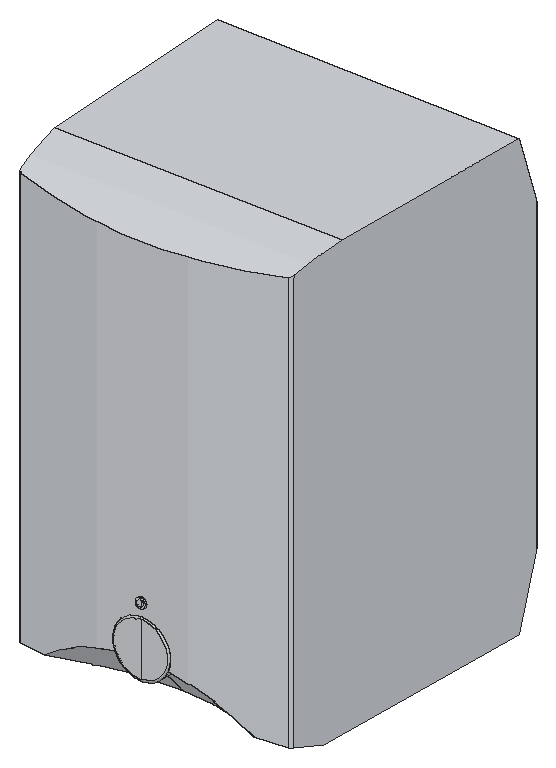
Revit family "AP3051", category Generic Models, Revit 2013
Parameters (values of type "Zip Aquapoint III_ model_AP3/05")
  Wireless (WIFI) = "No"
  Weekly Maintenance (or SFG20 Codes) = ""
  Warranty ID = "Zip Heaters (UK) Ltd warrants that, should any part fail within 12 calendar months of installation"
  Tap Clearance = "N/A"
  Tap Finish = "N/A"
  Shipping Weight = "N/A"
  Responsible Sourcing of Materials = ""
  Responsible Extraction of Materials = ""
  Quarterly Maintenance (or SFG20 Codes) = ""
  Overall Length/Depth/Circumference = "300"
  WRAS Approved = "Yes"
  Power Supply (Voltage) = "230 (V~)"
  URL = "www.zipindustries.co.uk"
  Type Comments = "Direct unvented water heater"
  Supply Phase = "1"
  Shape = "Rectangular"
  O&M Manual (Manufacturer O&M Data) = ""
  Monthly Maintenance (or SFG20 Codes) = ""
  Max. Stored Water Temperature = "75°C"
  Material Ingredient Reporting = ""
  Maintenance Required 8001-12000hrs (Maintenance required in this time frame) = ""
  Maintenance Required 601-1000hrs (Maintenance tasks required in this time frame) = ""
  Maintenance Required 40001-8000hrs (Maintenance tasks required in this time frame) = ""
  Maintenance Required 301-600hrs (Maintenance Tasks required in this time frame) = ""
  Maintenance Required 2001-4000hrs (Maintenance tasks required in this time frame) = ""
  Maintenance Required 1001-2000hrs (Maintenance tasks required in this time frame) = ""
  Maintenance Required 0-300hrs (Maintenance Tasks required in this time frame) = ""
  Location of Manufacturer = ""
  Life Cycle Analysis = ""
  Heat Up Time = "11mins"
  Programmable Safety Features = "No"
  Programmable Function Parameters = "No"
  Product Range = "Wall Mounted"
  Overall Width = "300"
  Overall Height = "440"
  Type = "Direct unvented water heater"
  Net Weight = "6.2kg"
  Internal Filter (if fitted) = "No"
  Gross Weight (When Full) = "13.5kg"
  Green Guide for Specification = ""
  Model = "AP3/05"
  Standby Power Loss (idle mode) = "Not Known"
  Nominal Flow Rate (Boiling) = "N/A"
  Volume Dispensed per hour = "N/A"
  Expected Life = ""
  Environmental Product Declaration = ""
  Energy Technology List = ""
  Embodied Carbon = ""
  Daily Maintenance (or SFG20 Codes) = ""
  Cable Length and size (If Fitted) = "1metre x 1.5sq mm"
  Single Instance Draw off Volume = "N/A"
  Recovery Volume per Minute = "N/A"
  Mains Water Connection = "1/2\" BSP"
  Manufacturer = "Zip Industries(UK) Ltd"
  Keynote = ""
  Mains Water Pressure _ Minimum = "N/A"
  Mains Water Pressure _ Maximum = "0.55 Mpa"
  Mains Pressure Limiting Valve = "offered as accessory"
  Enclosure Rating = "IP24"
  Button Interface = "No"
  Bespoke Timeframe Maintenance (or SFG20 Codes) = ""
  Base Unit Finish = "White impact resistant plastic"
  Backflow Prevention Valve = "N/A"
  Tank Construction Material = "Glass enamelled steel sheet and pressure tested to 1.2 MPa (12 bar)."
  Tank Thickness = "N/A"
  Insulation Material = "High efficiency polyurethane foam insulation."
  Power Rating = "2kW"
  Capacity = "6.6 L"
  Features = ""
  External Material = "White impact resistant plastic"
  Description = ""
  Control Thermostat Range = "35°C, 45°C, 55°C,  75°C"
  BMS Links = "No"
  Assembly Code = ""
  Unit Access Clearance right = "N/A"
  Unit Access Clearance Top = "N/A"
  Unit Access Clearance Rear = "N/A"
  Unit Access Clearance Left = "N/A"
  Unit Access Clearance Front = "N/A"
  Unit Access Clearance Bottom = "Pipework"
  Annually Maintenance (or SFG20 Codes) = ""
  6 Monthly Maintenance (or SFG20 Codes) = ""
Reference planes
  plane 1 "Center (Front/Back)": y = 0
  plane 2: z = 0
  plane 3 "Center (Left/Right)": x = 0
  plane 4 "BOX LEFT": x = -117.5
  plane 5 "WW": x = -49.998
Forms (mm)
  Extrusion 1, solid
    sketch origin (0, 0, 0) x (-1, 0, 0) y (0, -1, 0)
      loop
        line (-0.877, -129.26) -> (124.309, -129.26)
        arc (124.309, -129.26) -> (125.674, -128.716) -> (126.289, -127.382) r 1.982
        arc (126.289, -127.382) -> (126.721, -6.291) -> (115.327, 114.263) r 1238.561
        arc (115.327, 114.263) -> (114.588, 115.849) -> (113.096, 116.76) r 3.027
        arc (113.096, 116.76) -> (-0.185, 131.279) -> (-113.457, 116.686) r 448.054
        arc (-113.457, 116.686) -> (-114.948, 115.774) -> (-115.686, 114.19) r 3.026
        arc (-115.686, 114.19) -> (-127.069, -6.298) -> (-126.64, -127.323) r 1238.561
        arc (-126.64, -127.323) -> (-126.005, -128.699) -> (-124.598, -129.26) r 2.044
        line (-124.598, -129.26) -> (-0.877, -129.26)
    from 352.526 to 728.526
  Extrusion 2, void
    sketch origin (65.65, 0, 352.526) x (0, 0, -1) y (0, -1, 0)
      loop
        arc (-376, 70.99) -> (-369.141, 103.445) -> (-357.289, 134.428) r 211.385
        line (-357.289, 134.428) -> (-381, 134.428) -> (-381, 70.99) -> (-376, 70.99)
    from -74.201 to 250
  Extrusion 3, void
    sketch origin (65.65, 0, 352.526) x (0, 0, -1) y (0, -1, 0)
      loop
        line (-377.939, -107.932) -> (-377.939, -133.757) -> (-302.939, -133.757) -> (-377.939, -107.932)
    from -67.076 to 200.65
  Extrusion 4, void
    sketch origin (-56.557, -0.001, 349.905) x (0, 0, -1) y (0, -1, 0)
      loop
        line (-0.078, 79.483) -> (2.636, 79.483) -> (2.636, 131.689) -> (-41.239, 131.689) -> (-41.239, 130.686) -> (-13.83, 124.316) -> (-0.078, 79.483)
    from -185.103 to 70.138
  Extrusion 5, void
    sketch origin (65.65, 0, 352.526) x (0, 0, -1) y (0, -1, 0)
      loop
        line (0.013, -108.6) -> (-59.987, -129.26) -> (0.013, -129.26) -> (0.013, -108.6)
    from -67.076 to 200.65
  Extrusion 6, void
    sketch origin (0, 0, 352.526) x (1, 0, 0) y (0, 0, 1)
      loop
        line (82.072, 241.492) -> (52.072, 241.492) -> (52.072, 195.492) -> (82.072, 195.492) -> (82.072, 241.492)
      loop
        line (-82.193, 241.492) -> (-82.193, 195.492) -> (-52.193, 195.492) -> (-52.193, 241.492) -> (-82.193, 241.492)
      loop
        line (82.072, 95.225) -> (82.072, 141.225) -> (52.072, 141.225) -> (52.072, 95.225) -> (82.072, 95.225)
      loop
        line (-82.193, 95.225) -> (-52.193, 95.225) -> (-52.193, 141.225) -> (-82.193, 141.225) -> (-82.193, 95.225)
    from -129.26 to -123.902
  Extrusion 7, solid
    sketch origin (0, 0, 352.526) x (1, 0, 0) y (0, 0, 1)
      loop
        line (88.072, 245.071) -> (46.072, 245.071) -> (46.072, 227.071) -> (64.072, 227.071) -> (64.072, 230.073)
        arc (64.072, 230.073) -> (67.222, 233.069) -> (70.057, 229.773) r 3
        line (70.057, 229.773) -> (70.057, 227.071) -> (88.072, 227.071) -> (88.072, 245.071)
      loop
        line (-88.193, 245.071) -> (-88.193, 227.071) -> (-70.178, 227.071) -> (-70.178, 229.773)
        arc (-70.178, 229.773) -> (-67.343, 233.069) -> (-64.193, 230.073) r 3
        line (-64.193, 230.073) -> (-64.193, 227.071) -> (-46.193, 227.071) -> (-46.193, 245.071) -> (-88.193, 245.071)
      loop
        line (88.072, 91.333) -> (88.072, 109.333) -> (70.057, 109.333) -> (70.057, 106.631)
        arc (70.057, 106.631) -> (67.222, 103.335) -> (64.072, 106.332) r 3
        line (64.072, 106.332) -> (64.072, 109.333) -> (46.072, 109.333) -> (46.072, 91.333) -> (88.072, 91.333)
      loop
        line (-88.193, 91.333) -> (-46.193, 91.333) -> (-46.193, 109.333) -> (-64.193, 109.333) -> (-64.193, 106.332)
        arc (-64.193, 106.332) -> (-67.343, 103.335) -> (-70.178, 106.631) r 3
        line (-70.178, 106.631) -> (-70.178, 109.333) -> (-88.193, 109.333) -> (-88.193, 91.333)
    from -132.26 to -129.26
  Revolve 8, solid
    sketch origin (0, 0, 352.526) x (0, 1, 0) y (0, 0, 1)
      loop
        line (-132.06, 85) -> (-131.06, 85) -> (-131.06, 89.2) -> (-131.857, 89.2)
        arc (-131.857, 89.2) -> (-132, 88.665) -> (-132.06, 88.115) r 3.65
        line (-132.06, 88.115) -> (-132.06, 85)
      axis (-131.06, 85) -> (-132.06, 85)
    angle from 0 to 360
  Revolve 9, void
    sketch origin (0, 0, 352.526) x (0, 1, 0) y (0, 0, 1)
      loop
        line (-393.582, 40.69) -> (-129.201, -308.519)
        arc (-129.201, -308.519) -> (-86.787, -1.724) -> (-393.582, 40.69) r 219
      axis (-129.201, -308.519) -> (-393.582, 40.69)
    angle from 0 to 360
  Extrusion 10, void
    sketch origin (0, 0, 352.526) x (1, 0, 0) y (0, 0, 1)
      loop
        circle (0, 50.004) r 24.5
    from 110.117 to 137.158
  Revolve 11, solid
    sketch origin (0, 0, 352.526) x (0, 1, 0) y (0, 0, 1)
      loop
        line (-131.689, 50.041) -> (-110.117, 50.041) -> (-110.117, 74.21) -> (-130.263, 74.21)
        arc (-130.263, 74.21) -> (-131.271, 73.792) -> (-131.689, 72.783) r 1.426
        line (-131.689, 72.783) -> (-131.689, 50.041)
      axis (-110.117, 50.041) -> (-131.689, 50.041)
    angle from 0 to 360
  Revolve 12, solid
    sketch origin (0, 58.848, 352.526) x (0, 0, -1) y (-1, 0, 0)
      loop
        line (0, 39.647) -> (-2.212, 39.647) -> (-2.212, 20.123) -> (0, 20.123) -> (9, 31.246) -> (9, 34.647) -> (20, 34.647) -> (20, 36.909) -> (30, 36.909) -> (30, 39.647) -> (0, 39.647)
      axis (30, 44.839) -> (-2.212, 44.839)
    angle from 0 to 360
  Revolve 13, solid
    sketch origin (0, 58.848, 352.526) x (0, 0, -1) y (1, 0, 0)
      loop
        line (0, 39.647) -> (-2.212, 39.647) -> (-2.212, 20.123) -> (0, 20.123) -> (9, 31.246) -> (9, 34.647) -> (20, 34.647) -> (20, 36.909) -> (30, 36.909) -> (30, 39.647) -> (0, 39.647)
      axis (30, 44.839) -> (-2.212, 44.839)
    angle from 0 to 360
Cuts and joins
  Extrusion 2, Extrusion 3, Extrusion 4, Extrusion 5, Revolve 9, Extrusion 10 cuts Extrusion 1
  Extrusion 6 cuts Extrusion 7
Dimensions and locks
  aligned and locked: level to plane 2
